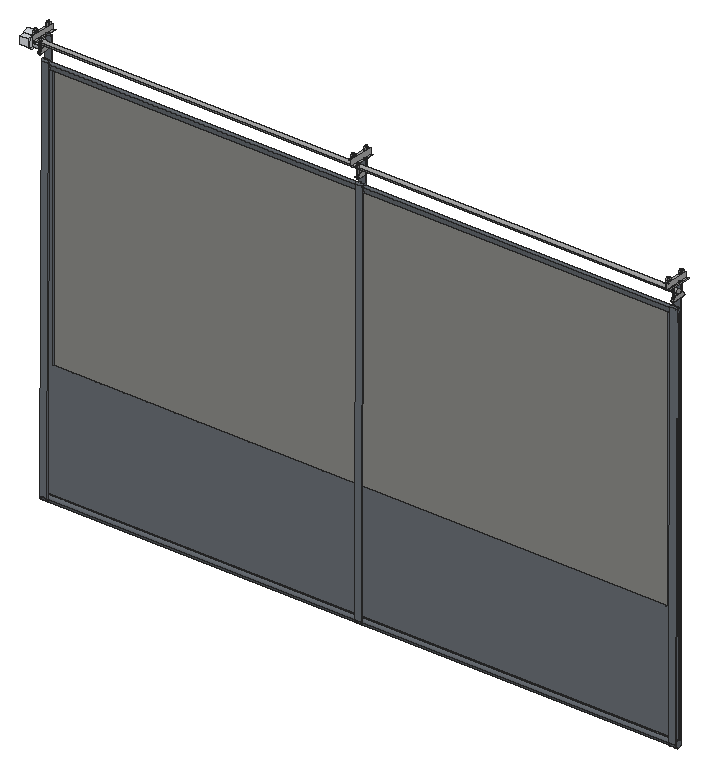
Revit family "Equipment-Gym-Draper_Inc.-Roll_Up_Gym_Divider", category Specialty Equipment, Revit 2012 (continued)
Definition of nested family "Pipe Support"
  Lines and regions (in)
    model lines, detail levels fine
      curve 6: line (-0.75, 0.49007, -1.75664) -> (-0.75, 0.31092, -0.64599)
      curve 7: line (-0.75, 0.31092, -0.64599) -> (-0.75, 0.49007, -1.75664)
      curve 10: line (-0.75, 0.78497, -3.64378) -> (-0.75, 0.61562, -2.5316)
      curve 11: line (-0.75, 0.61562, -2.5316) -> (-0.75, 0.78497, -3.64378)
      curve 12: line (-0.75, 0.64327, -2.70647) -> (-0.75, 0.46413, -1.59583)
      curve 13: line (-0.75, 0.46413, -1.59583) -> (-0.75, 0.64327, -2.70647)
      curve 16: spline (-0.75, 0.93235, -4.49869) -> (-0.84661, 0.92964, -4.48187) -> (-0.93664, 0.92168, -4.43256) -> (-1.01395, 0.90903, -4.35411) -> (-1.07327, 0.89254, -4.25188) -> (-1.11056, 0.87334, -4.13283) -> (-1.12328, 0.85273, -4.00507) -> (-1.11056, 0.83212, -3.87731) -> (-1.07327, 0.81292, -3.75826) -> (-1.01395, 0.79643, -3.65603) -> (-0.93664, 0.78378, -3.57758) -> (-0.84661, 0.77582, -3.52827) -> (-0.75, 0.77311, -3.51145) -> (-0.65339, 0.77582, -3.52827) -> (-0.56336, 0.78378, -3.57758) -> (-0.48605, 0.79643, -3.65603) -> (-0.42673, 0.81292, -3.75826) -> (-0.38944, 0.83212, -3.87731) -> (-0.37672, 0.85273, -4.00507) -> (-0.38944, 0.87334, -4.13283) -> (-0.42673, 0.89254, -4.25188) -> (-0.48605, 0.90903, -4.35411) -> (-0.56336, 0.92168, -4.43256) -> (-0.65339, 0.92964, -4.48187) -> (-0.75, 0.93235, -4.49869)
      curve 17: line (-0.75, 0.9423, -4.56039) -> (-0.75, 0.76316, -3.44975)
      curve 18: line (-0.75, 0.76316, -3.44975) -> (-0.75, 0.9423, -4.56039)
      curve 19: spline (-0.75, 1.06963, -5.40515) -> (-0.75, 1.16925, -5.37274) -> (-0.75, 1.25696, -5.30886) -> (-0.75, 1.32677, -5.21786) -> (-0.75, 1.37393, -5.10593) -> (-0.75, 1.39523, -4.98071) -> (-0.75, 1.3892, -4.85072) -> (-0.75, 1.35627, -4.72484) -> (-0.75, 1.29867, -4.61163) -> (-0.75, 1.22033, -4.51881) -> (-0.75, 1.1266, -4.4527) -> (-0.75, 1.02385, -4.41782) -> (-0.75, 0.9191, -4.41654) -> (-0.75, 0.81947, -4.44894) -> (-0.75, 0.73176, -4.51282) -> (-0.75, 0.66195, -4.60383) -> (-0.75, 0.61479, -4.71576) -> (-0.75, 0.5935, -4.84098) -> (-0.75, 0.59953, -4.97096) -> (-0.75, 0.63246, -5.09685) -> (-0.75, 0.69006, -5.21006) -> (-0.75, 0.76839, -5.30288) -> (-0.75, 0.86212, -5.36898) -> (-0.75, 0.96487, -5.40386) -> (-0.75, 1.06963, -5.40515)
      curve 20: line (-0.75, 1.07903, -5.46693) -> (-0.75, 0.90969, -4.35475)
      curve 21: line (-0.75, 0.90969, -4.35475) -> (-0.75, 1.07903, -5.46693)
      curve 22: spline (-0.75, 1.22824, -6.33316) -> (-0.84661, 1.22553, -6.31634) -> (-0.93664, 1.21758, -6.26702) -> (-1.01395, 1.20492, -6.18858) -> (-1.07327, 1.18843, -6.08635) -> (-1.11056, 1.16923, -5.9673) -> (-1.12328, 1.14862, -5.83954) -> (-1.11056, 1.12802, -5.71178) -> (-1.07327, 1.10881, -5.59273) -> (-1.01395, 1.09232, -5.4905) -> (-0.93664, 1.07967, -5.41205) -> (-0.84661, 1.07172, -5.36274) -> (-0.75, 1.069, -5.34592) -> (-0.65339, 1.07172, -5.36274) -> (-0.56336, 1.07967, -5.41205) -> (-0.48605, 1.09232, -5.4905) -> (-0.42673, 1.10881, -5.59273) -> (-0.38944, 1.12802, -5.71178) -> (-0.37672, 1.14862, -5.83954) -> (-0.38944, 1.16923, -5.9673) -> (-0.42673, 1.18843, -6.08635) -> (-0.48605, 1.20492, -6.18858) -> (-0.56336, 1.21758, -6.26702) -> (-0.65339, 1.22553, -6.31634) -> (-0.75, 1.22824, -6.33316)
      curve 23: line (-0.75, 1.2382, -6.39486) -> (-0.75, 1.05905, -5.28421)
      curve 24: line (-0.75, 1.05905, -5.28421) -> (-0.75, 1.2382, -6.39486)
      curve 25: spline (-0.75, -0.67789, -1.69493) -> (-0.75, -0.77722, -1.66165) -> (-0.75, -0.86437, -1.597) -> (-0.75, -0.93337, -1.50539) -> (-0.75, -0.97954, -1.39305) -> (-0.75, -0.99973, -1.26764) -> (-0.75, -0.99256, -1.13772) -> (-0.75, -0.95852, -1.01212) -> (-0.75, -0.89992, -0.89943) -> (-0.75, -0.82078, -0.8073) -> (-0.75, -0.72646, -0.74203) -> (-0.75, -0.62341, -0.70805) -> (-0.75, -0.51865, -0.70769) -> (-0.75, -0.41931, -0.74097) -> (-0.75, -0.33217, -0.80563) -> (-0.75, -0.26316, -0.89724) -> (-0.75, -0.21699, -1.00958) -> (-0.75, -0.1968, -1.13499) -> (-0.75, -0.20398, -1.26491) -> (-0.75, -0.23802, -1.3905) -> (-0.75, -0.29661, -1.5032) -> (-0.75, -0.37576, -1.59533) -> (-0.75, -0.47007, -1.6606) -> (-0.75, -0.57312, -1.69457) -> (-0.75, -0.67789, -1.69493)
      curve 26: spline (-0.75, -0.97333, -3.58199) -> (-0.75, -1.07296, -3.54959) -> (-0.75, -1.16067, -3.48571) -> (-0.75, -1.23048, -3.3947) -> (-0.75, -1.27764, -3.28278) -> (-0.75, -1.29893, -3.15755) -> (-0.75, -1.29291, -3.02757) -> (-0.75, -1.25997, -2.90168) -> (-0.75, -1.20238, -2.78847) -> (-0.75, -1.12404, -2.69565) -> (-0.75, -1.03031, -2.62955) -> (-0.75, -0.92756, -2.59467) -> (-0.75, -0.8228, -2.59339) -> (-0.75, -0.72318, -2.62579) -> (-0.75, -0.63547, -2.68967) -> (-0.75, -0.56566, -2.78067) -> (-0.75, -0.5185, -2.8926) -> (-0.75, -0.49721, -3.01782) -> (-0.75, -0.50323, -3.14781) -> (-0.75, -0.53616, -3.27369) -> (-0.75, -0.59376, -3.3869) -> (-0.75, -0.6721, -3.47972) -> (-0.75, -0.76583, -3.54583) -> (-0.75, -0.86858, -3.58071) -> (-0.75, -0.97333, -3.58199)
      curve 27: spline (-0.75, -0.83109, -2.64477) -> (-0.84661, -0.82838, -2.62795) -> (-0.93664, -0.82043, -2.57864) -> (-1.01395, -0.80777, -2.50019) -> (-1.07327, -0.79128, -2.39796) -> (-1.11056, -0.77208, -2.27891) -> (-1.12328, -0.75147, -2.15115) -> (-1.11056, -0.73087, -2.02339) -> (-1.07327, -0.71166, -1.90434) -> (-1.01395, -0.69517, -1.80211) -> (-0.93664, -0.68252, -1.72366) -> (-0.84661, -0.67457, -1.67435) -> (-0.75, -0.67185, -1.65753) -> (-0.65339, -0.67457, -1.67435) -> (-0.56336, -0.68252, -1.72366) -> (-0.48605, -0.69517, -1.80211) -> (-0.42673, -0.71166, -1.90434) -> (-0.38944, -0.73087, -2.02339) -> (-0.37672, -0.75147, -2.15115) -> (-0.38944, -0.77208, -2.27891) -> (-0.42673, -0.79128, -2.39796) -> (-0.48605, -0.80777, -2.50019) -> (-0.56336, -0.82043, -2.57864) -> (-0.65339, -0.82838, -2.62795) -> (-0.75, -0.83109, -2.64477)
      curve 28: line (-0.75, -0.68784, -1.75664) -> (-0.75, -0.5087, -0.64599)
      curve 29: line (-0.75, -0.5087, -0.64599) -> (-0.75, -0.68784, -1.75664)
      curve 30: line (-0.75, -0.98274, -3.64378) -> (-0.75, -0.8134, -2.5316)
      curve 31: line (-0.75, -0.8134, -2.5316) -> (-0.75, -0.98274, -3.64378)
      curve 32: line (-0.75, -0.84105, -2.70647) -> (-0.75, -0.6619, -1.59583)
      curve 33: line (-0.75, -0.6619, -1.59583) -> (-0.75, -0.84105, -2.70647)
      curve 34: spline (-0.75, -1.13012, -4.49869) -> (-0.84661, -1.12741, -4.48187) -> (-0.93664, -1.11946, -4.43256) -> (-1.01395, -1.1068, -4.35411) -> (-1.07327, -1.09031, -4.25188) -> (-1.11056, -1.07111, -4.13283) -> (-1.12328, -1.0505, -4.00507) -> (-1.11056, -1.0299, -3.87731) -> (-1.07327, -1.01069, -3.75826) -> (-1.01395, -0.99421, -3.65603) -> (-0.93664, -0.98155, -3.57758) -> (-0.84661, -0.9736, -3.52827) -> (-0.75, -0.97089, -3.51145) -> (-0.65339, -0.9736, -3.52827) -> (-0.56336, -0.98155, -3.57758) -> (-0.48605, -0.99421, -3.65603) -> (-0.42673, -1.01069, -3.75826) -> (-0.38944, -1.0299, -3.87731) -> (-0.37672, -1.0505, -4.00507) -> (-0.38944, -1.07111, -4.13283) -> (-0.42673, -1.09031, -4.25188) -> (-0.48605, -1.1068, -4.35411) -> (-0.56336, -1.11946, -4.43256) -> (-0.65339, -1.12741, -4.48187) -> (-0.75, -1.13012, -4.49869)
      curve 35: line (-0.75, -1.14008, -4.56039) -> (-0.75, -0.96093, -3.44975)
      curve 36: line (-0.75, -0.96093, -3.44975) -> (-0.75, -1.14008, -4.56039)
      curve 37: spline (-0.75, -1.2674, -5.40515) -> (-0.75, -1.36703, -5.37274) -> (-0.75, -1.45474, -5.30886) -> (-0.75, -1.52455, -5.21786) -> (-0.75, -1.57171, -5.10593) -> (-0.75, -1.593, -4.98071) -> (-0.75, -1.58697, -4.85072) -> (-0.75, -1.55404, -4.72484) -> (-0.75, -1.49644, -4.61163) -> (-0.75, -1.41811, -4.51881) -> (-0.75, -1.32438, -4.4527) -> (-0.75, -1.22163, -4.41782) -> (-0.75, -1.11687, -4.41654) -> (-0.75, -1.01725, -4.44894) -> (-0.75, -0.92954, -4.51282) -> (-0.75, -0.85973, -4.60383) -> (-0.75, -0.81257, -4.71576) -> (-0.75, -0.79127, -4.84098) -> (-0.75, -0.7973, -4.97096) -> (-0.75, -0.83023, -5.09685) -> (-0.75, -0.88783, -5.21006) -> (-0.75, -0.96616, -5.30288) -> (-0.75, -1.0599, -5.36898) -> (-0.75, -1.16264, -5.40386) -> (-0.75, -1.2674, -5.40515)
      curve 38: line (-0.75, -1.27681, -5.46693) -> (-0.75, -1.10747, -4.35475)
      curve 39: line (-0.75, -1.10747, -4.35475) -> (-0.75, -1.27681, -5.46693)
      curve 40: spline (-0.75, -1.42602, -6.33316) -> (-0.84661, -1.4233, -6.31634) -> (-0.93664, -1.41535, -6.26702) -> (-1.01395, -1.4027, -6.18858) -> (-1.07327, -1.38621, -6.08635) -> (-1.11056, -1.36701, -5.9673) -> (-1.12328, -1.3464, -5.83954) -> (-1.11056, -1.32579, -5.71178) -> (-1.07327, -1.30659, -5.59273) -> (-1.01395, -1.2901, -5.4905) -> (-0.93664, -1.27745, -5.41205) -> (-0.84661, -1.26949, -5.36274) -> (-0.75, -1.26678, -5.34592) -> (-0.65339, -1.26949, -5.36274) -> (-0.56336, -1.27745, -5.41205) -> (-0.48605, -1.2901, -5.4905) -> (-0.42673, -1.30659, -5.59273) -> (-0.38944, -1.32579, -5.71178) -> (-0.37672, -1.3464, -5.83954) -> (-0.38944, -1.36701, -5.9673) -> (-0.42673, -1.38621, -6.08635) -> (-0.48605, -1.4027, -6.18858) -> (-0.56336, -1.41535, -6.26702) -> (-0.65339, -1.4233, -6.31634) -> (-0.75, -1.42602, -6.33316)
      curve 41: line (-0.75, -1.43597, -6.39486) -> (-0.75, -1.25683, -5.28421)
      curve 42: line (-0.75, -1.25683, -5.28421) -> (-0.75, -1.43597, -6.39486)
      curve 43: spline (-0.75, 0.50854, -6.98972) -> (-0.75, 0.59103, -7.05429) -> (-0.75, 0.693, -7.0914) -> (-0.75, 0.80747, -7.09852) -> (-0.75, 0.92666, -7.07517) -> (-0.75, 1.04245, -7.02293) -> (-0.75, 1.14693, -6.94537) -> (-0.75, 1.23299, -6.84777) -> (-0.75, 1.29476, -6.73678) -> (-0.75, 1.32804, -6.61997) -> (-0.75, 1.33056, -6.5053) -> (-0.75, 1.30215, -6.40059) -> (-0.75, 1.24473, -6.31296) -> (-0.75, 1.16223, -6.24839) -> (-0.75, 1.06027, -6.21128) -> (-0.75, 0.94579, -6.20416) -> (-0.75, 0.8266, -6.22751) -> (-0.75, 0.71082, -6.27975) -> (-0.75, 0.60634, -6.35731) -> (-0.75, 0.52028, -6.45491) -> (-0.75, 0.4585, -6.5659) -> (-0.75, 0.42522, -6.6827) -> (-0.75, 0.4227, -6.79738) -> (-0.75, 0.45112, -6.90209) -> (-0.75, 0.50854, -6.98972)
      curve 44: line (-0.75, 0.46252, -7.03202) -> (-0.75, 1.29074, -6.27066)
      curve 45: line (-0.75, 1.29074, -6.27066) -> (-0.75, 0.46252, -7.03202)
      curve 46: spline (-0.75, -0.5, -6.90358) -> (-0.84737, -0.48296, -6.90358) -> (-0.9381, -0.43301, -6.90358) -> (-1.01602, -0.35355, -6.90358) -> (-1.07581, -0.25, -6.90358) -> (-1.11339, -0.12941, -6.90358) -> (-1.12621, 0, -6.90358) -> (-1.11339, 0.12941, -6.90358) -> (-1.07581, 0.25, -6.90358) -> (-1.01602, 0.35355, -6.90358) -> (-0.9381, 0.43301, -6.90358) -> (-0.84737, 0.48296, -6.90358) -> (-0.75, 0.5, -6.90358) -> (-0.65263, 0.48296, -6.90358) -> (-0.5619, 0.43301, -6.90358) -> (-0.48398, 0.35355, -6.90358) -> (-0.42419, 0.25, -6.90358) -> (-0.38661, 0.12941, -6.90358) -> (-0.37379, 0, -6.90358) -> (-0.38661, -0.12941, -6.90358) -> (-0.42419, -0.25, -6.90358) -> (-0.48398, -0.35355, -6.90358) -> (-0.5619, -0.43301, -6.90358) -> (-0.65263, -0.48296, -6.90358) -> (-0.75, -0.5, -6.90358)
      curve 48: spline (-0.75, -0.50854, -6.98972) -> (-0.75, -0.59103, -7.05429) -> (-0.75, -0.693, -7.0914) -> (-0.75, -0.80747, -7.09852) -> (-0.75, -0.92666, -7.07517) -> (-0.75, -1.04245, -7.02293) -> (-0.75, -1.14693, -6.94537) -> (-0.75, -1.23299, -6.84777) -> (-0.75, -1.29476, -6.73678) -> (-0.75, -1.32804, -6.61997) -> (-0.75, -1.33056, -6.5053) -> (-0.75, -1.30215, -6.40059) -> (-0.75, -1.24473, -6.31296) -> (-0.75, -1.16223, -6.24839) -> (-0.75, -1.06027, -6.21128) -> (-0.75, -0.94579, -6.20416) -> (-0.75, -0.8266, -6.22751) -> (-0.75, -0.71082, -6.27975) -> (-0.75, -0.60634, -6.35731) -> (-0.75, -0.52028, -6.45491) -> (-0.75, -0.4585, -6.5659) -> (-0.75, -0.42522, -6.6827) -> (-0.75, -0.4227, -6.79738) -> (-0.75, -0.45112, -6.90209) -> (-0.75, -0.50854, -6.98972)
      curve 49: line (-0.75, -0.46252, -7.03202) -> (-0.75, -1.29074, -6.27066)
      curve 50: line (-0.75, -1.29074, -6.27066) -> (-0.75, -0.46252, -7.03202)
      curve 51: line (-0.75, -0.5625, -6.90358) -> (-0.75, 0.5625, -6.90358)
      curve 52: line (-0.75, 0.5625, -6.90358) -> (-0.75, -0.5625, -6.90358)
    model lines, not visible, detail levels fine
      curve 2: spline (-0.75, 5.58094, -3.87987) -> (-0.75, 5.66195, -3.81343) -> (-0.75, 5.72039, -3.72201) -> (-0.75, 5.7523, -3.61184) -> (-0.75, 5.75549, -3.49042) -> (-0.75, 5.72974, -3.36604) -> (-0.75, 5.67682, -3.24716) -> (-0.75, 5.60033, -3.14189) -> (-0.75, 5.50549, -3.05741) -> (-0.75, 5.39874, -2.99947) -> (-0.75, 5.28738, -2.97201) -> (-0.75, 5.17898, -2.97691) -> (-0.75, 5.08094, -3.01384) -> (-0.75, 4.99994, -3.08028) -> (-0.75, 4.9415, -3.1717) -> (-0.75, 4.90959, -3.28187) -> (-0.75, 4.9064, -3.40329) -> (-0.75, 4.93215, -3.52767) -> (-0.75, 4.98507, -3.64655) -> (-0.75, 5.06156, -3.75182) -> (-0.75, 5.1564, -3.8363) -> (-0.75, 5.26315, -3.89425) -> (-0.75, 5.37451, -3.9217) -> (-0.75, 5.48291, -3.9168) -> (-0.75, 5.58094, -3.87987)
      curve 5: spline (-0.75, 0.63332, -2.64477) -> (-0.84661, 0.63061, -2.62795) -> (-0.93664, 0.62265, -2.57864) -> (-1.01395, 0.61, -2.50019) -> (-1.07327, 0.59351, -2.39796) -> (-1.11056, 0.57431, -2.27891) -> (-1.12328, 0.5537, -2.15115) -> (-1.11056, 0.53309, -2.02339) -> (-1.07327, 0.51389, -1.90434) -> (-1.01395, 0.4974, -1.80211) -> (-0.93664, 0.48475, -1.72366) -> (-0.84661, 0.47679, -1.67435) -> (-0.75, 0.47408, -1.65753) -> (-0.65339, 0.47679, -1.67435) -> (-0.56336, 0.48475, -1.72366) -> (-0.48605, 0.4974, -1.80211) -> (-0.42673, 0.51389, -1.90434) -> (-0.38944, 0.53309, -2.02339) -> (-0.37672, 0.5537, -2.15115) -> (-0.38944, 0.57431, -2.27891) -> (-0.42673, 0.59351, -2.39796) -> (-0.48605, 0.61, -2.50019) -> (-0.56336, 0.62265, -2.57864) -> (-0.65339, 0.63061, -2.62795) -> (-0.75, 0.63332, -2.64477)
      curve 8: line (-0.75, 5.61219, -3.934) -> (-0.75, 5.04969, -2.95972)
      curve 9: line (-0.75, 5.04969, -2.95972) -> (-0.75, 5.61219, -3.934)
      curve 14: line (-0.75, 0.64327, -2.70647) -> (-0.75, 0.46413, -1.59583)
      curve 15: line (-0.75, 0.46413, -1.59583) -> (-0.75, 0.64327, -2.70647)
    reference lines
      curve 47: line (0, 38.90111, -6.90358) -> (0, -34.34889, -6.90358)
    model lines, detail levels coarse+medium
      curve 53: line (-0.75, 1.16112, -5.91701) -> (-0.75, 0.31319, -0.66007)
      curve 54: arc (-0.75, -1.35889, -5.91701) -> (-0.75, -0.09889, -7.17702) -> (-0.75, 1.16112, -5.91701) r 1.26001
      curve 55: line (-0.75, -0.49503, -0.56125) -> (-0.75, -1.35889, -5.91701)
  Dimensions and locks (in)
    Extrusion 2 to plane 3 "Center (Left/Right)" to Extrusion 2 = 0' - 0.40104", 0' - 0.42212"
    Extrusion 1 to Extrusion 1 to plane 3 "Center (Left/Right)" = 0' - 0.962", 0' - 0.42212"
    Extrusion 3 to plane 3 "Center (Left/Right)" to Extrusion 3 = 0' - 1.38412", 0' - 0.40104"
    plane 3 "Center (Left/Right)" to plane 4 "Center" = 0' - 0 3/4"
    Extrusion 20 to plane 4 "Center" to Extrusion 20 = 0' - 0.07636" locked, 0' - 0.07615" locked
    Extrusion 14 sketch curve to Extrusion 14 sketch curve to Extrusion 14 sketch curve to Extrusion 8 to plane 2 = 0' - 0 3/16" locked, 0' - 2 5/8" locked, 0' - 0 3/16" locked, 0' - 6.89939" locked
    locked: plane 5 "Left" to Extrusion 14 sketch curve at 0.1875
    aligned and locked: plane 2 to level
    aligned and locked: Extrusion 14 sketch curve to plane 5 "Left"
    aligned and locked: Extrusion 14 sketch curve to plane 6
Definition of nested family "Divider Run"
  Parameters (values of type "Divider Run")
    Multiple Dividers = yes
    Material = Fabric - Draper Inc. - Vinyl
    Length = 30' - 0"
    Height = 12' - 4 15/16"
    Dividers = 3
    2L = Length / (Dividers + 1)  # 7' - 6"
  Reference planes (in)
    plane 1 "Center (Front/Back)": y = 0
    plane 2: z = 0
    plane 3 "Center (Left/Right)": x = 0
    plane 4: z = 147
    plane 5: x = 270
    plane 6: x = 180
    plane 7: x = -90
    plane 8: z = 144.96875
    plane 9: z = -1.9375
  Dimensions and locks (in)
    "Length": plane 7 to plane 5
    "2L": plane 6 to plane 5
    equal spacing: group 1, group 3, group 2  (x3)
    "2L": plane 7 to plane 3 "Center (Left/Right)"
    locked: plane 2 to plane 9 at 1.9375
    plane 4 to plane 8 = 0' - 2 1/32"
    "Height": plane 4 to plane 9
    aligned and locked: plane 2 to level
    aligned and locked: nested 2 to plane 6
  Nested families (in)
    nested 1: "Divider" at (0, 0, 0), type "Divider"
      with Height 12' - 4 15/16"
    nested 2: "Divider" at (180, 0, 0), type "Divider"
      with Height 12' - 4 15/16"
    nested 3: "Divider" at (90, 0, 0), type "Divider"
      with Height 12' - 4 15/16"
  Definition of nested family "Divider"
    Parameters (values of type "Divider")
      Vinyl = Fabric - Draper Inc. - Vinyl
      Single = yes
      Material = Fabric - Draper Inc. - Vinyl
      Height = 18' - 9 11/32"
    Reference planes (in)
      plane 1 "Center (Front/Back)": y = 0
      plane 2: z = 0
      plane 3 "Center (Left/Right)": x = 0
      plane 4: z = 221.375
      plane 5: z = 223.40625
      plane 6: z = -1.9375
    Forms (in)
      Extrusion 1, solid, material "Fabric - Draper Inc. - Vinyl" <- "Vinyl"
        sketch origin (-2, 0, -1.93939) x (0, 1, 0) y (0, 0, 1)
          loop
            line (-1.75, 3.75) -> (-0.81094, 209.82031)
            arc (-0.81094, 209.82031) -> (0, 210.63125) -> (0.81094, 209.82031) r 0.81094
            line (0.81094, 209.82031) -> (0.04732, 206.56445) -> (0.16416, 206.93955) -> (0.8682, 209.72476)
            arc (0.8682, 209.72476) -> (0.04799, 210.69243) -> (-0.87344, 209.82061) r 0.87344
            line (-0.87344, 209.82061) -> (-1.8125, 3.75012)
            arc (-1.8125, 3.75012) -> (0.00003, 1.93762) -> (1.8125, 3.75019) r 1.8125
            line (1.8125, 3.75019) -> (1.358, 222.63697) -> (1.2955, 223.31439) -> (1.2955, 222.63672) -> (1.75, 3.75)
            arc (1.75, 3.75) -> (0, 2) -> (-1.75, 3.75) r 1.75
        from 0 to 4
    Dimensions and locks (in)
      "Height": plane 5 to plane 6
      Extrusion 1 sketch curve to plane 2 = 0' - 1.81072"
      Extrusion 1 sketch curve to level = 0' - 1.81061"
      locked: Extrusion 1 sketch curve to plane 2 at 1.81072
      locked: Extrusion 1 sketch curve to plane 2 at 1.81061
      locked: plane 4 to Extrusion 1 sketch curve at 13.49408  (x2)
      locked: plane 4 to Extrusion 1 sketch curve at 16.74994
      locked: plane 1 "Center (Front/Back)" to Extrusion 1 sketch curve at 0  (x4)
      equal spacing: Extrusion 1 sketch curve, Extrusion 1 sketch curve, plane 1 "Center (Front/Back)", Extrusion 1 sketch curve, Extrusion 1 sketch curve
      locked: Extrusion 1 sketch curve to plane 1 "Center (Front/Back)" at 1.2955
      locked: plane 5 to plane 4 at 2.03125
      plane 2 to plane 6 = 0' - 1 15/16"
      aligned and locked: plane 2 to level
    Automatic sketch dimensions
      Extrusion 1 sketch curve to plane 4 = 0' - 0"
      Extrusion 1 sketch curve to Extrusion 1 sketch curve = 0' - 0 1/16"  (x4)
      Extrusion 1 sketch curve to Extrusion 1 sketch curve = 0' - 0.05726"
      Extrusion 1 sketch curve to plane 4 = 0' - 0.67742"
      Extrusion 1 sketch curve to Extrusion 1 sketch curve = 0' - 0.00025"
      Extrusion 1 sketch curve to Extrusion 1 sketch curve = 0' - 0.0003"
      Extrusion 1 sketch curve to Extrusion 1 sketch curve = 0' - 0.37509"
      plane 1 "Center (Front/Back)" to Extrusion 1 sketch curve = 0' - 0.81094"
      Extrusion 1 sketch curve to Extrusion 1 sketch curve = 0' - 1 3/4"
      Extrusion 1 sketch curve to plane 1 "Center (Front/Back)" = 0' - 0.04732"
      Extrusion 1 sketch curve to plane 1 "Center (Front/Back)" = 0' - 0.16416"
Definition of nested family "Divider Motor"
  Parameters (values of type "Divider Motor")
    Material = none
  Reference planes (in)
    plane 1 "Center (Front/Back)": y = 0
    plane 2: z = 0
    plane 3 "Center (Left/Right)": x = 0
    plane 4 "Back": y = 6.79489
    plane 5 "Front": y = -3.60166
    plane 6 "Left": x = -4
    plane 7 "Right": x = 4
  Forms (in)
    Extrusion 1, solid, material <- "Material"
      sketch origin (0, 0, 0) x (1, 0, 0) y (0, 0, 1)
        loop
          circle (0, -4.17608) r 3
      from 0 to 3.60166
    Extrusion 2, solid, material <- "Material"
      sketch origin (0, 0, 0) x (1, 0, 0) y (0, 0, 1)
        loop
          line (-0.5, -0.25) -> (-0.75, -0.25) -> (-0.75, -1.32203) -> (-0.5, -1.32203) -> (-0.5, -0.25)
        loop
          line (0.5, -0.25) -> (0.5, -1.32203) -> (0.75, -1.32203) -> (0.75, -0.25) -> (0.5, -0.25)
      from 0 to 3.60166
    Extrusion 3, solid, material <- "Material"
      sketch origin (0, 0, 0) x (1, 0, 0) y (0, 0, 1)
        loop
          line (2, 0) -> (-2, 0) -> (-2, -0.25) -> (2, -0.25) -> (2, 0)
      from 0 to 3.60166
    Extrusion 4, solid, material <- "Material"
      sketch origin (0, 0, 0) x (1, 0, 0) y (0, 0, 1)
        loop
          arc (2, -7.17608) -> (5, -4.17608) -> (2, -1.17608) r 3
          line (2, -1.17608) -> (-2, -1.17608)
          arc (-2, -1.17608) -> (-5, -4.17608) -> (-2, -7.17608) r 3
          line (-2, -7.17608) -> (2, -7.17608)
      from 0 to -0.4484
    Extrusion 5, solid
      sketch origin (0, 0, 0) x (1, 0, 0) y (0, 0, 1)
        loop
          line (-2, -1.17608) -> (-4.99811, -1.17608) -> (-4.99811, -5.62253) -> (-2, -5.62253) -> (-2, -1.17608)
      from -5.22394 to -0.4484
    Extrusion 6, solid
      sketch origin (0, 0, 0) x (1, 0, 0) y (0, 0, 1)
        loop
          circle (2, -4.17608) r 3
      from -0.4484 to -6.79489
  Dimensions and locks (in)
    Extrusion 2 sketch curve to Extrusion 2 sketch curve to Extrusion 2 sketch curve to Extrusion 2 sketch curve = 0' - 0 1/4" locked, 0' - 1" locked, 0' - 0 1/4" locked
    Extrusion 3 sketch curve to plane 3 "Center (Left/Right)" to Extrusion 3 sketch curve = 0' - 2" locked, 0' - 2" locked
    locked: plane 2 to Extrusion 3 sketch curve at 0.25
    plane 2 to Extrusion 2 sketch curve to Extrusion 2 sketch curve = 0' - 0 1/4" locked, 0' - 1.07203" locked  (x2)
    Extrusion 4 sketch curve to plane 3 "Center (Left/Right)" to Extrusion 4 sketch curve = 0' - 2" locked, 0' - 2" locked
    locked: plane 2 to Extrusion 4 sketch curve at 4.17608  (x2)
    plane 2 to Extrusion 4 sketch curve to Extrusion 4 sketch curve = 0' - 1.17608" locked, 0' - 6" locked
    plane 3 "Center (Left/Right)" to Extrusion 5 sketch curve to Extrusion 5 sketch curve = 0' - 2" locked, 0' - 2.99811" locked
    plane 2 to Extrusion 5 sketch curve to Extrusion 5 sketch curve = 0' - 1.17608" locked, 0' - 4.44644" locked
    locked: plane 2 to Extrusion 6 sketch curve at 4.17608
    locked: Extrusion 6 sketch curve to plane 3 "Center (Left/Right)" at 2
    plane 2 to Extrusion 6 sketch curve to Extrusion 6 sketch curve = 0' - 1.17608" locked, 0' - 6" locked
    plane 1 "Center (Front/Back)" to Extrusion 5 to Extrusion 5 = 0' - 0.4484" locked, 0' - 4.77554" locked
    plane 1 "Center (Front/Back)" to Extrusion 4 = 0' - 0.4484"
    Extrusion 3 to plane 1 "Center (Front/Back)" = 0' - 3.60166"
    plane 5 "Front" to plane 1 "Center (Front/Back)" to plane 4 "Back" = 0' - 3.60166" locked, 0' - 6.79489" locked
    plane 6 "Left" to plane 3 "Center (Left/Right)" to plane 7 "Right" = 0' - 4" locked, 0' - 4" locked
    aligned and locked: plane 2 to level
Types (3): name | Vinyl & Net | Solid Vinyl | Product Page URL | Product Documentation Link | Mesh
  (no name) | yes | no | "http://www.draperinc.com/GymEquipment/GymProducts.asp?detail=184#" | "http://www.draperinc.com/GymEquipment/GymProducts.asp?detail=184#" | Fabric - Draper Inc. - Mesh
  Solid Vinyl | no | yes | "http://www.draperinc.com/GymEquipment/GymProducts.asp?detail=179" | "http://www.draperinc.com/GymEquipment/GymProducts.asp?detail=179#" | Fabric - Draper Inc. - Vinyl
  Vinyl & Mesh Combo | yes | no | "http://www.draperinc.com/GymEquipment/GymProducts.asp?detail=184#" | "http://www.draperinc.com/GymEquipment/GymProducts.asp?detail=184#" | Fabric - Draper Inc. - Mesh
